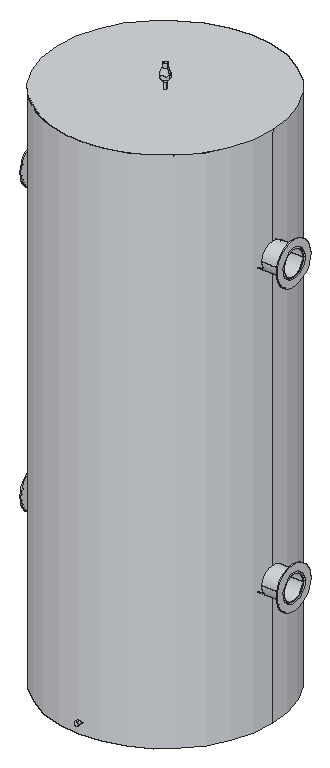
Revit family
Parameters (values of type "BVU1000")
  SUPPLY/RETURN CONNECTIONS = Connections Radius * 2  # 6"
  SES BIM Studio # = "201264901-15"
  NPT Connector Void = no
  Flange Visibility = yes
  Front Plane Offset = Tank Radius - 2"  # 24"
  Flange Radius = Connections Radius + 2"  # 5"
  WEIGHT (LBS) = "3010"
  B_TANK DIAMETER = Tank Radius * 2  # 52"
  C_TOTAL WIDTH = 62"
  URL = "http://www.lochinvar.com/products/default.aspx?type=productline&lineid=103"
  D_SUPPLY HEIGHT = 101"
  E_ RETURN HEIGHT = 31"
  Model = "BVU1000"
  Manufacturer = "Lochinvar"
  MODEL NO. = "BVU1000"
  GALLON CAPACITY = "1000"
  Tank Radius = 26"
  A_HEIGHT = 128"
  Description = "Buffer Tank / Hydraulic Separator"
  Connections Radius = 3"
Types (8): name | SUPPLY/RETURN CONNECTIONS | NPT Connector Void | Flange Visibility | Front Plane Offset | Flange Radius | WEIGHT (LBS) | B_TANK DIAMETER | C_TOTAL WIDTH | D_SUPPLY HEIGHT | E_ RETURN HEIGHT | Model | MODEL NO. | GALLON CAPACITY | Tank Radius | A_HEIGHT | Connections Radius
  (no name) | 6" | no | yes | 24" | 5" | "3010" | 52" | 62" | 101" | 31" | "BVU1000" | "BVU1000" | "1000" | 26" | 128" | 3"
  BVU120 | 3" | yes | no | 14" | 3 1/2" | "500" | 32" | 32" | 43 3/4" | 19 3/4" | "BVU120" | "BVU120" | "120" | 16" | 59 1/2" | 1 1/2"
  BVU200 | 3" | yes | no | 14" | 3 1/2" | "900" | 32" | 32" | 73 3/4" | 19 3/4" | "BVU200" | "BVU200" | "200" | 16" | 89 1/2" | 1 1/2"
  BVU300 | 4" | no | yes | 18" | 4" | "1290" | 40" | 50" | 57 1/2" | 26 1/2" | "BVU300" | "BVU300" | "300" | 20" | 80" | 2"
  BVU400 | 6" | no | yes | 21" | 5" | "1626" | 46" | 56" | 55" | 29" | "BVU400" | "BVU400" | "400" | 23" | 80" | 3"
  BVU500 | 6" | no | yes | 21" | 5" | "1765" | 46" | 56" | 66" | 29" | "BVU500" | "BVU500" | "500" | 23" | 91" | 3"
  BVU750 | 6" | no | yes | 24" | 5" | "2330" | 52" | 62" | 77" | 31" | "BVU750" | "BVU750" | "750" | 26" | 104" | 3"
  BVU1000 | 6" | no | yes | 24" | 5" | "3010" | 52" | 62" | 101" | 31" | "BVU1000" | "BVU1000" | "1000" | 26" | 128" | 3"
Reference planes (in)
  plane 1 "Center (Front/Back)": y = 4
  plane 2 "Bottom": z = 0
  plane 3 "Center (Left/Right)": x = -1.95769
  plane 4 "Top": z = 128
  plane 5 "Return Connections": z = 31
  plane 6 "Supply Connections": z = 101
  plane 7 "Right": x = 29.04231
  plane 8 "Left": x = -32.95769
  plane 9 "Front": y = -20
Forms (in)
  Extrusion 1, solid, not visible
    sketch origin (-13.6652, 0, 0) x (1, 0, 0) y (0, 1, 0)
      loop
        line (-1.8348, 30.125) -> (-1.8348, -17.875) -> (29.1652, -17.875) -> (29.1652, 30.125) -> (-1.8348, 30.125)
    from 0 to 58.75
  Extrusion 2, solid, not visible
    sketch origin (0, 30.125, -8.09398) x (1, 0, 0) y (0, 0, 1)
      loop
        circle (-9.6544, 52.84398) r 1.25
    from 0 to -6
  Extrusion 3, solid, not visible
    sketch origin (0, 30.125, -32.34398) x (1, 0, 0) y (0, 0, 1)
      loop
        circle (-9.6544, 52.84398) r 1.25
    from 0 to -6
  Extrusion 4, solid, not visible
    sketch origin (-3, 30.125, -20.09398) x (1, 0, 0) y (0, 0, 1)
      loop
        circle (-9.6544, 52.84398) r 1.5
    from 0 to -6
  Extrusion 5, solid, not visible
    sketch origin (-3.0956, 30.125, -47) x (1, 0, 0) y (0, 0, 1)
      loop
        circle (-9.6544, 52.84398) r 0.375
    from 0 to -3
  Sweep 6, solid, not visible
    path origin (0, 0, 0) x (0, 1, 0) y (0, 0, 1)
      loop
        line (30.125, 12) -> (34, 12)
        arc (34, 12) -> (38.24264, 13.75736) -> (40, 18) r 6
        line (40, 18) -> (40, 49)
    profile origin (0, 32.0625, 12) x (0, 0, 1) y (1, 0, 0)
      loop
        circle (0, 0) r 3
  Extrusion 7, solid, not visible
    sketch origin (-48, 30.125, 0) x (1, 0, 0) y (0, 0, 1)
      loop
        line (62, 54.575) -> (56.93958, 54.575) -> (56.93958, 46.3305) -> (62, 46.3305) -> (62, 54.575)
    from 0 to -2
  Extrusion 8, solid, not visible
    sketch origin (-48, 30.125, -10.7445) x (1, 0, 0) y (0, 0, 1)
      loop
        line (62, 54.575) -> (56.93958, 54.575) -> (56.93958, 46.3305) -> (62, 46.3305) -> (62, 54.575)
    from 0 to -2
  Extrusion 9, solid, not visible
    sketch origin (21.44346, 30.125, -19.0473) x (1, 0, 0) y (0, 0, 1)
      loop
        circle (-9.7169, 52.84398) r 0.75
    from 0 to -9.96927
  Extrusion 10, solid, not visible
    sketch origin (6.25, -5, 58.75) x (-1, 0, 0) y (0, -1, 0)
      loop
        circle (15.5, -30.125) r 3
    from 0 to 2
  Sweep 11, solid, not visible
    path origin (0, 0, 0) x (0, 1, 0) y (0, 0, 1)
      loop
        line (30.125, 36) -> (40.125, 36)
    profile origin (0, 35.125, 36) x (0, 0, 1) y (1, 0, 0)
      loop
        circle (0, 0) r 3
  Extrusion 12, solid
    sketch origin (0, 0, 0) x (1, 0, 0) y (0, 1, 0)
      loop
        circle (-1.95769, 4) r 26
    from 0 to 128
  Extrusion 13, solid
    sketch origin (0, 4, -46.1333) x (1, 0, 0) y (0, 0, 1)
      loop
        circle (-1.95769, 48.6333) r 0.5
    from 24 to 26.75
  Revolve 14, solid
    sketch origin (12, -180, 101) x (-1, 0, 0) y (0, -1, 0)
      loop
        line (37.95769, -187) -> (37.95769, -187.25) -> (44.95769, -187.25) -> (44.95769, -187) -> (37.95769, -187)
      axis (44.95769, -184) -> (37.95769, -184)
    angle from 0 to 360
  Revolve 15, solid
    sketch origin (12, -180, 101) x (-1, 0, 0) y (0, -1, 0)
      loop
        line (-10.04231, -187) -> (-17.04231, -187) -> (-17.04231, -187.25) -> (-10.04231, -187.25) -> (-10.04231, -187)
      axis (-10.04231, -184) -> (-17.04231, -184)
    angle from 0 to 360
  Revolve 16, solid
    sketch origin (12, -180, 31) x (-1, 0, 0) y (0, -1, 0)
      loop
        line (-10.04231, -187) -> (-17.04231, -187) -> (-17.04231, -187.25) -> (-10.04231, -187.25) -> (-10.04231, -187)
      axis (-10.04231, -184) -> (-17.04231, -184)
    angle from 0 to 360
  Extrusion 17, solid, visible <- "Flange Visibility"
    sketch origin (-32.95769, 28.67934, 48) x (0, 1, 0) y (0, 0, 1)
      loop
        circle (-24.67934, 53) r 3
      loop
        circle (-24.67934, 53) r 5
    from 0.25 to 0
  Revolve 18, solid
    sketch origin (12, -180, 31) x (-1, 0, 0) y (0, -1, 0)
      loop
        line (37.95769, -187) -> (37.95769, -187.25) -> (44.95769, -187.25) -> (44.95769, -187) -> (37.95769, -187)
      axis (44.95769, -184) -> (37.95769, -184)
    angle from 0 to 360
  Extrusion 19, solid, visible <- "Flange Visibility"
    sketch origin (-32.95769, 28.67934, -22) x (0, 1, 0) y (0, 0, 1)
      loop
        circle (-24.67934, 53) r 3
      loop
        circle (-24.67934, 53) r 5
    from 0.25 to 0
  Extrusion 20, solid, visible <- "Flange Visibility"
    sketch origin (-1.95769, 0, 0) x (0, 1, 0) y (0, 0, 1)
      loop
        circle (4, 101) r 5
      loop
        circle (4, 101) r 3
    from 31 to 30.75
  Extrusion 21, solid, visible <- "Flange Visibility"
    sketch origin (-1.95769, 0, -30) x (0, 1, 0) y (0, 0, 1)
      loop
        circle (4, 61) r 5
      loop
        circle (4, 61) r 3
    from 31 to 30.75
  Extrusion 22, void
    sketch origin (-1.95769, 0, 0) x (0, -1, 0) y (0, 0, 1)
      loop
        circle (-4, 101) r 3.5
    from 24 to 17.7453
  Extrusion 23, void
    sketch origin (-1.95769, 0, 0) x (0, -1, 0) y (0, 0, 1)
      loop
        circle (-4, 101) r 3.5
    from -24 to -16.86655
  Extrusion 24, void
    sketch origin (-1.95769, 0, -24) x (0, -1, 0) y (0, 0, 1)
      loop
        circle (-4, 55) r 3.5
    from 24 to 17.7453
  Extrusion 25, void
    sketch origin (-1.95769, 0, -24) x (0, -1, 0) y (0, 0, 1)
      loop
        circle (-4, 55) r 3.5
    from -14 to -16.86655
Cuts and joins
  Extrusion 22, Extrusion 23, Extrusion 24, Extrusion 25 cuts Extrusion 12
Dimensions and locks (in)
  "A_HEIGHT": plane 4 "Top" to level
  "D_SUPPLY HEIGHT": plane 6 "Supply Connections" to level
  "E_ RETURN HEIGHT": plane 5 "Return Connections" to level
  Extrusion 13 sketch curve to Extrusion 12 = 2 1/2"
  "C_TOTAL WIDTH": plane 8 "Left" to plane 7 "Right"
  equal spacing: plane 8 "Left", plane 3 "Center (Left/Right)", plane 7 "Right"
  "Front Plane Offset": plane 1 "Center (Front/Back)" to plane 9 "Front"
  locked: Revolve 14 sketch curve to Revolve 14 sketch curve at 0.25
  "Connections Radius": Revolve 14 sketch curve to Revolve 14 sketch curve
  "Connections Radius": Revolve 15 sketch curve to Revolve 15 sketch curve
  locked: Revolve 15 sketch curve to Revolve 15 sketch curve at 0.25
  "Connections Radius": Revolve 16 sketch curve to Revolve 16 sketch curve
  locked: Revolve 16 sketch curve to Revolve 16 sketch curve at 0.25
  locked: Extrusion 17 to Extrusion 17 at 0.25
  "Front Plane Offset": Revolve 14 sketch curve to plane 3 "Center (Left/Right)"
  "Front Plane Offset": plane 3 "Center (Left/Right)" to Revolve 16 sketch curve
  "Front Plane Offset": plane 3 "Center (Left/Right)" to Revolve 15 sketch curve
  locked: Revolve 18 sketch curve to Revolve 18 sketch curve at 0.25
  "Connections Radius": Revolve 18 sketch curve to Revolve 18 sketch curve
  locked: Extrusion 19 to Extrusion 19 at 0.25
  locked: Extrusion 20 to Extrusion 20 at 0.25
  locked: Extrusion 21 to Extrusion 21 at 0.25
  locked: plane 9 "Front" to Extrusion 13 at 2.75
  "Front Plane Offset": Revolve 18 sketch curve to plane 3 "Center (Left/Right)"
  "Tank Radius": radius of Extrusion 12 sketch curve
  "Flange Radius": radius of Extrusion 17 sketch curve
  "Flange Radius": radius of Extrusion 19 sketch curve
  "Flange Radius": radius of Extrusion 20 sketch curve
  "Flange Radius": radius of Extrusion 21 sketch curve
  aligned and locked: plane 4 "Top" to Extrusion 12
  aligned and locked: plane 3 "Center (Left/Right)" to Extrusion 13 sketch curve
  aligned and locked: plane 3 "Center (Left/Right)" to nested 1
  aligned and locked: plane 1 "Center (Front/Back)" to nested 1
  aligned and locked: Extrusion 12 to nested 1
  aligned and locked: Extrusion 12 to level
  aligned and locked: Extrusion 17 to Revolve 14
  aligned and locked: Revolve 14 sketch curve to plane 8 "Left"
  aligned and locked: Extrusion 19 to Revolve 18
  aligned and locked: Extrusion 20 sketch curve to Revolve 15
  aligned and locked: Extrusion 21 sketch curve to Revolve 16
  aligned and locked: Extrusion 17 sketch curve to Revolve 14
  aligned and locked: Extrusion 19 sketch curve to Revolve 18
  aligned and locked: Extrusion 20 to Revolve 15
  aligned and locked: Extrusion 21 to Revolve 16
  aligned and locked: Revolve 15 to plane 7 "Right"
  aligned and locked: Revolve 16 to plane 7 "Right"
  aligned and locked: plane 9 "Front" to Extrusion 13
  aligned and locked: plane 1 "Center (Front/Back)" to Extrusion 22 sketch curve
  aligned and locked: plane 6 "Supply Connections" to Extrusion 22 sketch curve
  aligned and locked: Revolve 15 to Extrusion 23
  aligned and locked: Revolve 14 to Extrusion 24
  aligned and locked: Revolve 14 to Extrusion 22
Automatic sketch dimensions
  Sweep 6 sketch curve to Sweep 6 sketch curve = 6"
  Sweep 6 sketch curve to profile plane = 0"  (x2)
  Extrusion 8 sketch curve to Extrusion 8 sketch curve = 8.2445"
  Sweep 11 sketch curve to profile plane = 0"  (x2)
  Extrusion 1 sketch curve to Extrusion 1 sketch curve = 31"
  Extrusion 1 sketch curve to Extrusion 1 sketch curve = 48"
  Sweep 6 sketch curve to Sweep 6 sketch curve = 3 7/8"
  Sweep 6 sketch curve to Sweep 6 sketch curve = 31"
  Extrusion 7 sketch curve to Extrusion 7 sketch curve = 5.06042"
  Extrusion 7 sketch curve to Extrusion 7 sketch curve = 8.2445"
  Extrusion 8 sketch curve to Extrusion 8 sketch curve = 5.06042"
  Sweep 11 sketch curve to Sweep 11 sketch curve = 10"
  plane 1 "Center (Front/Back)" to Extrusion 12 sketch curve = 0"
  Extrusion 12 sketch curve to plane 3 "Center (Left/Right)" = 0"
  plane 1 "Center (Front/Back)" to Revolve 14 sketch curve = 0"
  plane 7 "Right" to Revolve 14 sketch curve = 1"
  Revolve 14 sketch curve to plane 8 "Left" = 4"
  plane 1 "Center (Front/Back)" to Revolve 15 sketch curve = 0"
  Revolve 15 sketch curve to plane 7 "Right" = 0"
  plane 7 "Right" to Revolve 15 sketch curve = 1"
  Revolve 15 sketch curve to plane 8 "Left" = 4"
  plane 1 "Center (Front/Back)" to Revolve 16 sketch curve = 0"
  Revolve 16 sketch curve to plane 7 "Right" = 0"
  plane 7 "Right" to Revolve 16 sketch curve = 1"
  Revolve 16 sketch curve to plane 8 "Left" = 4"
  Extrusion 17 sketch curve to Extrusion 17 sketch curve = 0"  (x2)
  plane 1 "Center (Front/Back)" to Revolve 18 sketch curve = 0"
  Revolve 18 sketch curve to plane 8 "Left" = 0"
  plane 7 "Right" to Revolve 18 sketch curve = 1"
  Revolve 18 sketch curve to plane 8 "Left" = 4"
  Extrusion 19 sketch curve to Extrusion 19 sketch curve = 0"  (x2)
  Extrusion 20 sketch curve to Extrusion 20 sketch curve = 0"  (x2)
  Extrusion 21 sketch curve to Extrusion 21 sketch curve = 0"  (x2)
  Extrusion 23 sketch curve to plane 1 "Center (Front/Back)" = 0"
  Extrusion 23 sketch curve to plane 6 "Supply Connections" = 0"
  Extrusion 24 sketch curve to plane 1 "Center (Front/Back)" = 0"
  Extrusion 24 sketch curve to plane 5 "Return Connections" = 0"
  Extrusion 25 sketch curve to plane 1 "Center (Front/Back)" = 0"
  Extrusion 25 sketch curve to plane 5 "Return Connections" = 0"
  radius of Extrusion 2 sketch curve = 1 1/4"
  radius of Extrusion 3 sketch curve = 1 1/4"
  radius of Extrusion 4 sketch curve = 1 1/2"
  radius of Extrusion 5 sketch curve = 3/8"
  radius of Sweep 6 sketch curve = 3"
  radius of Extrusion 9 sketch curve = 3/4"
  radius of Extrusion 10 sketch curve = 3"
  radius of Sweep 11 sketch curve = 3"
  radius of Extrusion 13 sketch curve = 1/2"
  radius of Extrusion 22 sketch curve = 3 1/2"
  radius of Extrusion 23 sketch curve = 3 1/2"
  radius of Extrusion 24 sketch curve = 3 1/2"
  radius of Extrusion 25 sketch curve = 3 1/2"
Nested families (in)
  nested 1: "Pressure Relief Valve" at (0, 0, 128), type "Pressure Relief Valve"
Connectors (in)
  piping at (-32.95769, 4, 101), driven by "Connections Radius"
    settings: on Revolve 14, index 10, connector radius 3", flow factor 0, pipe flow 0 GPM, pressure drop 0.00 psi, fitting loss kfactor 0, connector angle 0.00°, fixture units 0, flow configuration 0, flow direction 2, fitting loss method 0, system type 7, connector reference index -1, connector utility 0, adjustable connector no, is connector primary yes, fitting loss table "", connector description "Water Outlet"
  piping at (-1.95769, -22.75, 2.5)
    settings: on Extrusion 13, index 12, connector radius 1/2", flow factor 0, pipe flow 0 GPM, pressure drop 0.00 psi, fitting loss kfactor 0, connector angle 0.00°, fixture units 0, flow configuration 0, flow direction 2, fitting loss method 0, system type 16, connector reference index -1, connector utility 0, adjustable connector no, is connector primary no, fitting loss table "", connector description "Drain"
  piping at (29.04231, 4, 31), driven by "Connections Radius"
    settings: on Revolve 16, index 14, connector radius 3", flow factor 0, pipe flow 0 GPM, pressure drop 0.00 psi, fitting loss kfactor 0, connector angle 0.00°, fixture units 0, flow configuration 0, flow direction 2, fitting loss method 0, system type 8, connector reference index -1, connector utility 0, adjustable connector no, is connector primary no, fitting loss table "", connector description "Water Outlet"
  piping at (29.04231, 4, 101), driven by "Connections Radius"
    settings: on Revolve 15, index 15, connector radius 3", flow factor 0, pipe flow 0 GPM, pressure drop 0.00 psi, fitting loss kfactor 0, connector angle 0.00°, fixture units 0, flow configuration 0, flow direction 1, fitting loss method 0, system type 7, connector reference index -1, connector utility 0, adjustable connector no, is connector primary no, fitting loss table "", connector description "Water Inlet"
  piping at (-32.95769, 4, 31), driven by "Connections Radius"
    settings: on Revolve 18, index 16, connector radius 3", flow factor 0, pipe flow 0 GPM, pressure drop 0.00 psi, fitting loss kfactor 0, connector angle 0.00°, fixture units 0, flow configuration 0, flow direction 1, fitting loss method 0, system type 8, connector reference index -1, connector utility 0, adjustable connector no, is connector primary no, fitting loss table "", connector description "Water Inlet"
Definition of nested family "Pressure Relief Valve"
  Parameters (values of type "Pressure Relief Valve")
    URL = "http://www.lochinvar.com/products/Default.aspx?type=ProductLine&lineID=190"
    Model = "AWN1000PM"
    Manufacturer = "Lochinvar"
    Description = "ARMOR X2 CONDENSING WATER HEATER"
    Fuel Type = "Natural or LP"
  Reference planes (in)
    plane 1 "Center (Front/Back)": y = 4
    plane 2: z = 0
    plane 3 "Center (Left/Right)": x = -1.95769
  Forms (in)
    Extrusion 1, solid, not visible
      sketch origin (-13.6652, 0, 0) x (1, 0, 0) y (0, 1, 0)
        loop
          line (-1.8348, 30.125) -> (-1.8348, -17.875) -> (29.1652, -17.875) -> (29.1652, 30.125) -> (-1.8348, 30.125)
      from 0 to 58.75
    Extrusion 2, solid, not visible
      sketch origin (0, 30.125, -8.09398) x (1, 0, 0) y (0, 0, 1)
        loop
          circle (-9.6544, 52.84398) r 1.25
      from 0 to -6
    Extrusion 3, solid, not visible
      sketch origin (0, 30.125, -32.34398) x (1, 0, 0) y (0, 0, 1)
        loop
          circle (-9.6544, 52.84398) r 1.25
      from 0 to -6
    Extrusion 4, solid, not visible
      sketch origin (-3, 30.125, -20.09398) x (1, 0, 0) y (0, 0, 1)
        loop
          circle (-9.6544, 52.84398) r 1.5
      from 0 to -6
    Extrusion 5, solid, not visible
      sketch origin (-3.0956, 30.125, -47) x (1, 0, 0) y (0, 0, 1)
        loop
          circle (-9.6544, 52.84398) r 0.375
      from 0 to -3
    Sweep 6, solid, not visible
      path origin (0, 0, 0) x (0, 1, 0) y (0, 0, 1)
        loop
          line (30.125, 12) -> (34, 12)
          arc (34, 12) -> (38.24264, 13.75736) -> (40, 18) r 6
          line (40, 18) -> (40, 49)
      profile origin (0, 32.0625, 12) x (0, 0, 1) y (1, 0, 0)
        loop
          circle (0, 0) r 3
    Extrusion 7, solid, not visible
      sketch origin (-48, 30.125, 0) x (1, 0, 0) y (0, 0, 1)
        loop
          line (62, 54.575) -> (56.93958, 54.575) -> (56.93958, 46.3305) -> (62, 46.3305) -> (62, 54.575)
      from 0 to -2
    Extrusion 8, solid, not visible
      sketch origin (-48, 30.125, -10.7445) x (1, 0, 0) y (0, 0, 1)
        loop
          line (62, 54.575) -> (56.93958, 54.575) -> (56.93958, 46.3305) -> (62, 46.3305) -> (62, 54.575)
      from 0 to -2
    Extrusion 9, solid, not visible
      sketch origin (21.44346, 30.125, -19.0473) x (1, 0, 0) y (0, 0, 1)
        loop
          circle (-9.7169, 52.84398) r 0.75
      from 0 to -9.96927
    Extrusion 10, solid, not visible
      sketch origin (6.25, -5, 58.75) x (-1, 0, 0) y (0, -1, 0)
        loop
          circle (15.5, -30.125) r 3
      from 0 to 2
    Sweep 11, solid, not visible
      path origin (0, 0, 0) x (0, 1, 0) y (0, 0, 1)
        loop
          line (30.125, 36) -> (40.125, 36)
      profile origin (0, 35.125, 36) x (0, 0, 1) y (1, 0, 0)
        loop
          circle (0, 0) r 3
    Revolve 12, solid
      sketch origin (0, 4, 0) x (1, 0, 0) y (0, 0, 1)
        loop
          line (-1.95769, 0) -> (-1.58269, 0) -> (-1.58269, 1.625) -> (-1.45769, 1.625) -> (-1.45769, 2.25) -> (-0.95769, 2.25) -> (-0.95769, 3) -> (-1.45769, 4.625) -> (-1.45769, 5.375) -> (-1.95769, 5.375) -> (-1.95769, 0)
        axis (-1.95769, 0) -> (-1.95769, 5.375)
      angle from 0 to 360
